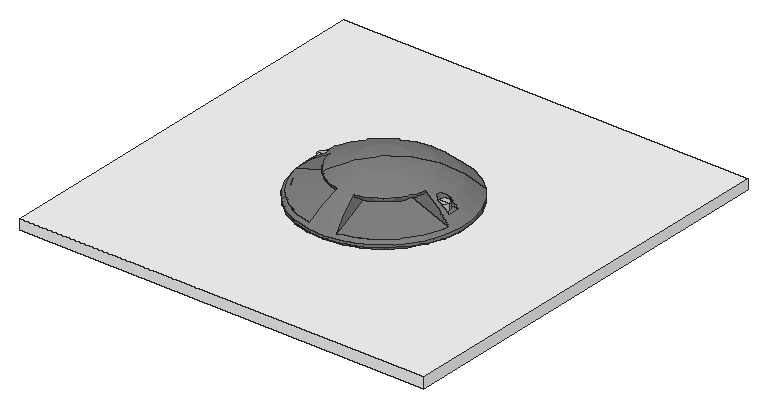
Revit family "BE_77069_de_DE", category Lighting Fixtures, host Face, Revit 2015
Parameters (values of type "BEGA_77069_Grafit_K3")
  built-in parameter 1150104 = 8.129 (stored number, unit not read)
  Wattage = 1.2 W
  Default Elevation = 0 mm
  built-in parameter 1150113 = 1 (stored number, unit not read)
  built-in parameter 1114218 = 1 (stored number, unit not read)
  Umgebungstemperatur = "25 °C"
  URL = "http://www.bega.de/produkt/77069"
  Type Comments = "© 2016 BEGA. Wir behalten uns das Recht vor, technische Änderungen ohne vorherige Ankündigung vorzunehmen."  # constant formula
  Type Image = 77069.png
  built-in parameter 1150134 = (empty or 0)
  built-in parameter 1150109 = 1 (stored number, unit not read)
  Strom = ""
  built-in parameter 1150110 = 1 (stored number, unit not read)
  Spannung = 23.9969 V
  Sonderanfertigung = no
  Sockeltyp = ""
  Sockelanzahl = ""
  Seriennummer [instance] = "Hier können Sie die eindeutige Seriennummer für das Facility Management eintragen."
  Schutzklasse = "III"
  Schutzart = "IP 67"
  Apparent Load = 0 VA
  Produktdatenblatt = "http://www.bega.de/download/Xrfa/db/77069.db.de.pdf"
  Oberflächentemperatur = "20 °C"
  Tilt Angle = 0.00°
  Model = "77069"
  Material_17 = BEGA_Reflektor
  Material_15 = BEGA_Leuchtmedium_matt
  Material_11 = BEGA_Glas_opal
  Material_09 = BEGA_Glas_klar
  Material_06 = BEGA_Oberfläche_Edelstahl_gebürstet
  Material_03 = BEGA_Oberfläche_Weiss_matt
  Material_02 = BEGA_Oberfläche_Silber_matt
  Material_01 [instance] = BEGA_Oberfläche_Grafit_matt
  M_W = no
  M_G = yes
  M_A = no
  Logo = 0
  built-in parameter 1114217 = 1 (stored number, unit not read)
  built-in parameter 1150139 = (empty or 0)
  built-in parameter 1150105 = 8.3556 (stored number, unit not read)
  built-in parameter 1150114 = 1 (stored number, unit not read)
  Lumens = 105 lm
  built-in parameter 1150115 = 1 (stored number, unit not read)
  Leuchtenlichtstrom = "16 lm"
  Leuchtenanzahl = ""
  Lebensdauerkriterien = "L70 = 50.000 h"
  Lastklassifizierung = Beleuchtung
  built-in parameter 1150112 = 1 (stored number, unit not read)
  Lampenlichtstrom = "105 lm"
  Lamp = "LED 1.2 W"
  LED_Modulbezeichnung = "LED-0287/830"
  built-in parameter 1150142 = (empty or 0)
  Manufacturer = "BEGA"  # constant formula
  Halbstreuwinkel = ""
  Gewicht = "0.95 kg"
  Gebrauchslageneinschränkung [instance] = ""
  Frequenz = ""
  Farbwiedergabeindex = "Ra > 80"
  Dimming Lamp Color Temperature Shift = <None>
  Farbtemperatur = "3000 K"
  Color Filter = 16777215
  Erdstück = no
  built-in parameter 1150133 = 10 (stored number, unit not read)
  Energieeffizienzklasse = "LED A++ - A"
  built-in parameter 1150137 = (empty or 0)
  built-in parameter 1150132 = (empty or 0)
  Einbaugehäuse = no
  ENEC = "ja"
  Dimmbar [instance] = ""
  Photometric Web File = "BE_77069.IES"
  CE_Konformität = "ja"
  Bestellnummer_Erdstück = if(Erdstück, "70894", "---")  # "---"
  Bestellnummer = "77069"
  Beschreibung_Sonderanfertigung = "Hier können Sie Informationen zur Sonderanfertigung eintragen."
  Description = "Bodenaufbauleuchte"
  built-in parameter 1150106 = 0.083556 (stored number, unit not read)
  Belastbarkeit = "1000 kg"
  Befestigungsbohrung = "Ø 6,5 mm"
  Befestigungsabstand = ""
  Ballwurfsicher = ""
  BEGA_Intern_aus = yes
  BEGA_Intern_an = yes
  BEGA_Intern_Konstruktion = yes
  BEGA_Intern = yes
  BEGA_IES = yes
  BEGA_Dummy = no
  Anschlussleitung = "1.8 m 05RN8-F 2 × 1²"
  Anschlussleistung [instance] = "1.4 W"
  Anschlusskasten = ""
  built-in parameter 1150107 = 3000 (stored number, unit not read)
  built-in parameter 1150102 = (empty or 0)
  built-in parameter 1150138 = (empty or 0)
  Aktualisierung = "2016-12-14T04:15:04"
  Abstand_zur_angestrahlten_Fläche [instance] = ""
  AC/DC = "DC"
Types (2, lengths in mm): name | built-in parameter 1150104 | built-in parameter 1150134 | Model | built-in parameter 1150105 | Lumens | Leuchtenlichtstrom | Lampenlichtstrom | LED_Modulbezeichnung | Farbtemperatur | Photometric Web File | Bestellnummer | built-in parameter 1150106 | built-in parameter 1150107
  BEGA_77069_Grafit_K4 | 8.8258 (stored number, unit not read) | 12 | "77069K4" | 9.0718 (stored number, unit not read) | 114 lm | "17 lm" | "114 lm" | "LED-0287/840" | "4000 K" | "BE_77069K4.IES" | "77069K4" | 0.090718 (stored number, unit not read) | 4000 (stored number, unit not read)
  BEGA_77069_Grafit_K3 | 8.129 (stored number, unit not read) | (empty or 0) | "77069" | 8.3556 (stored number, unit not read) | 105 lm | "16 lm" | "105 lm" | "LED-0287/830" | "3000 K" | "BE_77069.IES" | "77069" | 0.083556 (stored number, unit not read) | 3000 (stored number, unit not read)
Reference planes
  plane 1 "Mitte (Vorne/Hinten)": y = 0
  plane 2: z = 0
  plane 3 "Mitte (Links/Rechts)": x = 0
  plane 4 "Links": x = -80
  plane 5 "Rechts": x = 80
  plane 6 "Unten": y = -80
  plane 7 "Oben": y = 80
  plane 8 "Vorne": z = 37.765
  plane 9 "Hinten": z = 0
Forms (mm)
  Extrusion 1, solid, material "BEGA_Platte_Weiss"
    sketch origin (0, -1119.2, 0) x (1, 0, 0) y (0, 1, 0)
      loop
        line (-200, 1319.2) -> (-200, 919.2) -> (200, 919.2) -> (200, 1319.2) -> (-200, 1319.2)
    from 0 to -10
  Extrusion 2, solid, material "BEGA_Dummy_matt", visible <- "BEGA_Dummy"
    sketch origin (77.149, -76.023, 0) x (1, 0, 0) y (0, 1, 0)
      loop
        circle (-77.149, 76.023) r 79.5
    from 0 to 37.765
Dimensions and locks
  plane 1 "Mitte (Vorne/Hinten)" to Extrusion 1 = 200 mm
  aligned and locked: plane 2 to Extrusion 1
  aligned and locked: level to Extrusion 1
Nested families
  nested 1: "BE_77069" at (0, 0, 0) x (-0.7071, -0.7071, 0) z (0, 0, 1), type "BE_77069"
Connectors
  electrical at (0, 0, 0), driven by "Lastklassifizierung", driven by "Spannung", driven by "Apparent Load"
    settings: index 1, voltage 23.9969 V, apparent load 0 VA, apparent load phase1 0 VA, apparent load phase2 0 VA, apparent load phase3 0 VA, power factor 1, load classification "Beleuchtung", number of poles 1, system type 31, power factor state 1, is connector primary yes, connector utility no, sub classification motor no, connector description ""
Definition of nested family "BE_77069"
  Parameters (values of type "BE_77069")
    Default Elevation = 1 mm
    URL = "http://www.bega.de/de/produkt"
    Type Comments = "© 2015 BEGA. Wir behalten uns das Recht vor, technische Änderungen ohne vorherige Ankündigung vorzunehmen. "  # constant formula
    Type Image = (empty or 0)
    Material_17 = none
    Material_15 = none
    Material_11 = none
    Material_09 = none
    Material_06 = none
    Material_03 = none
    Material_02 = none
    Material_01 = none
    M_W = yes
    M_G = yes
    M_A = yes
    Länge_Platte = 200 mm  # constant formula
    Höhe_Platte = -10 mm  # constant formula
    Manufacturer = "BEGA"  # constant formula
    Breite_Platte = 200 mm  # constant formula
  Reference planes
    plane 1 "Mitte (Oben/Unten)": y = 0
    plane 2: z = 0
    plane 3 "Mitte (Links/Rechts)": x = 0
    plane 4 "Vorne": z = 37.765
    plane 5 "Links": x = -79.5
    plane 6 "Oben": y = 79.502
    plane 7 "Unten": y = -79.501
    plane 8: x = 79.5
  Forms (mm)
    Extrusion 1, solid, detail levels medium
      sketch origin (0, 0, 0) x (1, 0, 0) y (0, 1, 0)
        loop
          line (-100, 100) -> (-100, -100) -> (100, -100) -> (100, 100) -> (-100, 100)
      from 0 to -10 <- "Höhe_Platte"
    Revolve 2, solid, material <- "Material_01", detail levels medium+fine
      sketch origin (0, 0, 0) x (1, 0, 0) y (0, 0, 1)
        loop
          arc (0, 37.75) -> (-43.272, 28.837) -> (-79.5, 3.549) r 109.5
          line (-79.5, 3.549) -> (-79.5, 0.75)
          arc (-79.5, 0.75) -> (-79.354, 0.396) -> (-79, 0.25) r 0.5
          line (-79, 0.25) -> (-73, 0.25) -> (-73, 5.999) -> (-44.548, 5.999) -> (-44.548, 10.74) -> (-32, 10.74) -> (-32, 27.75) -> (0, 27.75) -> (0, 37.75)
        axis (0, 37.75) -> (0, 0.25)
      angle from 0 to 360
    Revolve 3, solid, material <- "Material_01", detail levels medium+fine
      sketch origin (0, 0, 0) x (1, 0, 0) y (0, 0, 1)
        loop
          line (-46.583, 2) -> (-46.583, 4) -> (-72.478, 4) -> (-72.478, 5.999) -> (-44.5, 5.999) -> (-44.5, 2) -> (-25.5, 2) -> (-25.5, 0) -> (-44.5, 0)
          arc (-44.5, 0) -> (-45.914, 0.586) -> (-46.5, 2) r 2
        axis (0, 0) -> (0, 5.999)
      angle from 0 to 360
    Revolve 4, void
      sketch origin (0, 0, 0) x (1, 0, 0) y (0, 0, 1)
        loop
          line (45.956, 24.034) -> (31.271, 23.264) -> (31.271, 15.25) -> (33, 15.25) -> (76.979, 6.701)
          arc (76.979, 6.701) -> (62.891, 18.428) -> (47.044, 27.64) r 109.498
          arc (47.044, 27.64) -> (47.771, 25.453) -> (45.956, 24.034) r 2
        axis (0, 6.701) -> (0, 27.64)
      angle from -34.969 to 35.019
    Revolve 5, void
      sketch origin (0, 0, 0) x (0, 1, 0) y (0, 0, 1)
        loop
          line (45.956, 24.034) -> (31.271, 23.264) -> (31.271, 15.25) -> (33, 15.25) -> (76.979, 6.701)
          arc (76.979, 6.701) -> (62.891, 18.428) -> (47.044, 27.64) r 109.498
          arc (47.044, 27.64) -> (47.771, 25.453) -> (45.956, 24.034) r 2
        axis (0, 6.701) -> (0, 27.64)
      angle from -35.067 to 34.981
    Revolve 6, solid, material <- "Material_17", detail levels medium+fine
      sketch origin (0, 0, 0) x (1, 0, 0) y (0, 0, 1)
        loop
          line (-21.535, 17.762) -> (-25, 14.75) -> (-25, 10.75) -> (-24.2, 10.75) -> (-24.2, 14.385) -> (-21.044, 17.128)
          arc (-21.044, 17.128) -> (-19.5, 18.621) -> (-18.127, 20.273) r 19.8
          arc (-18.127, 20.273) -> (-17.422, 21.309) -> (-16.808, 22.401) r 14.8
          arc (-16.808, 22.401) -> (-16.352, 23.468) -> (-16.041, 24.587) r 8.8
          line (-16.041, 24.587) -> (-16.824, 24.75)
          arc (-16.824, 24.75) -> (-17.107, 23.732) -> (-17.523, 22.76) r 8
          arc (-17.523, 22.76) -> (-18.103, 21.729) -> (-18.769, 20.75) r 14
          arc (-18.769, 20.75) -> (-20.072, 19.182) -> (-21.535, 17.762) r 19
        axis (0, 24.75) -> (0, 10.75)
      angle from 0 to 360
    Revolve 7, solid, material <- "Material_09", detail levels medium+fine
      sketch origin (0, 0, 0) x (1, 0, 0) y (0, 0, 1)
        loop
          line (-26.8, 12.75) -> (-26.8, 25.75) -> (-30, 25.75) -> (-30, 12.75) -> (-26.8, 12.75)
        axis (0, 12.75) -> (0, 25.75)
      angle from 0 to 360
    Revolve 8, solid, material <- "Material_06", detail levels fine
      sketch origin (0, 0, 0) x (1, 0, 0) y (0, 0, 1)
        loop
          line (-10.451, 2.25) -> (-10.451, -7.25) -> (-8.875, -7.25) -> (-8.875, -9.25)
          arc (-8.875, -9.25) -> (-7.754, -12.027) -> (-5.018, -13.247) r 4
          line (-5.018, -13.247) -> (-3.989, -13.247) -> (-3.989, 18.772) -> (-7.5, 18.772) -> (-7.5, 10.75) -> (-10.451, 10.75) -> (-10.451, 5.999) -> (-7.5, 5.999) -> (-7.5, 2.25) -> (-10.451, 2.25)
        axis (0, 18.772) -> (0, -13.247)
      angle from 0 to 360
    Extrusion 9, void
      sketch origin (0, 0, 0) x (1, 0, 0) y (0, 1, 0)
        loop
          circle (35, 0) r 3.25
      from 0 to 3.549
    Extrusion 10, void
      sketch origin (0, 0, 0) x (-0.5, 0.866025, 0) y (-0.866025, -0.5, 0)
        loop
          circle (35, 0) r 3.25
      from 0 to 3.549
    Extrusion 11, void
      sketch origin (0, 0, 0) x (-0.5, -0.866025, 0) y (0.866025, -0.5, 0)
        loop
          circle (35, 0) r 3.25
      from 0 to 3.549
    Revolve 12, void
      sketch origin (0.704, -0.715, 0) x (0.707107, -0.707107, 0) y (0, 0, 1)
        loop
          line (-66.331, 6.5) -> (-69.222, 6.5) -> (-69.222, 3.815) -> (-66.522, 3.815) -> (-66.331, 6.5)
        axis (-69.222, 3.815) -> (-69.222, 6.5)
      angle from 0 to 360
    Revolve 13, void
      sketch origin (97.169, -97.18, 0) x (0.707107, -0.707107, 0) y (0, 0, 1)
        loop
          line (-66.331, 6.5) -> (-69.222, 6.5) -> (-69.222, 3.815) -> (-66.522, 3.815) -> (-66.331, 6.5)
        axis (-69.222, 3.815) -> (-69.222, 6.5)
      angle from 0 to 360
    Revolve 14, solid, material <- "Material_06", detail levels fine
      sketch origin (-0.003, -0.008, 0) x (0.707107, -0.707107, 0) y (0, 0, 1)
        loop
          line (-68.222, 0.7) -> (-65.622, 0.7) -> (-65.622, 6.5) -> (-68.222, 6.5) -> (-68.222, 0.7)
        axis (-68.222, 0.7) -> (-68.222, 6.5)
      angle from 0 to 360
    Revolve 15, solid, material <- "Material_06", detail levels fine
      sketch origin (-0.003, -0.008, 0) x (-0.707107, 0.707107, 0) y (0, 0, -1)
        loop
          line (-68.222, -0.706) -> (-68.222, -6.5) -> (-65.622, -6.5) -> (-65.622, -0.706) -> (-68.222, -0.706)
        axis (-68.222, -0.706) -> (-68.222, -6.5)
      angle from 0 to 360
    Extrusion 16, void
      sketch origin (0, 0, 0) x (1, 0, 0) y (0, 1, 0)
        loop
          arc (-46.669, 38.184) -> (-38.184, 38.184) -> (-38.184, 46.669) r 6
          line (-38.184, 46.669) -> (-44.862, 53.347)
          arc (-44.862, 53.347) -> (-49.287, 49.287) -> (-53.347, 44.862) r 69.703
          line (-53.347, 44.862) -> (-46.669, 38.184)
        loop
          arc (46.669, -38.184) -> (38.184, -38.184) -> (38.184, -46.669) r 6
          line (38.184, -46.669) -> (44.862, -53.347)
          arc (44.862, -53.347) -> (49.287, -49.287) -> (53.347, -44.862) r 69.703
          line (53.347, -44.862) -> (46.669, -38.184)
      from 12.75 to 33.319
    Revolve 17, solid, material <- "Material_06", detail levels fine
      sketch origin (0, 0, 0) x (0.707107, -0.707107, 0) y (0, 0, 1)
        loop
          line (-55, 18.7) -> (-60, 18.7) -> (-60, 0.7) -> (-56.75, 0.7) -> (-56.75, 12.7) -> (-55, 12.7) -> (-55, 18.7)
        axis (-60, 0.7) -> (-60, 18.7)
      angle from 0 to 360
    Revolve 18, solid, material <- "Material_06", detail levels fine
      sketch origin (84.853, -84.853, 0) x (0.707107, -0.707107, 0) y (0, 0, 1)
        loop
          line (-55, 18.7) -> (-60, 18.7) -> (-60, 0.7) -> (-56.75, 0.7) -> (-56.75, 12.7) -> (-55, 12.7) -> (-55, 18.7)
        axis (-60, 0.7) -> (-60, 18.7)
      angle from 0 to 360
  Cuts and joins
    Revolve 4, Revolve 5, Extrusion 9, Revolve 12, Revolve 13, Extrusion 16 cuts Revolve 2
    Extrusion 9, Extrusion 10, Extrusion 11, Revolve 12, Revolve 13, Extrusion 16 cuts Revolve 3
  Dimensions and locks
    equal spacing: Extrusion 1 sketch curve, plane 3 "Mitte (Links/Rechts)", Extrusion 1 sketch curve
    equal spacing: Extrusion 1 sketch curve, plane 1 "Mitte (Oben/Unten)", Extrusion 1 sketch curve
    "Länge_Platte": Extrusion 1 sketch curve to Extrusion 1 sketch curve
    "Breite_Platte": Extrusion 1 sketch curve to Extrusion 1 sketch curve
    aligned and locked: Extrusion 1 to plane 2
    aligned and locked: level to Extrusion 1
  Automatic sketch dimensions
    Revolve 2 sketch curve to plane 5 "Links" = 0 mm
    Revolve 2 sketch curve to Revolve 2 sketch curve = 0.5 mm
    plane 5 "Links" to Revolve 2 sketch curve = 6.5 mm
    level to Revolve 2 sketch curve = 10.74 mm
    Revolve 2 sketch curve to Revolve 2 sketch curve = 28.452 mm
    Revolve 2 sketch curve to Revolve 2 sketch curve = 12.548 mm
    Revolve 2 sketch curve to plane 3 "Mitte (Links/Rechts)" = 0 mm
    plane 3 "Mitte (Links/Rechts)" to Revolve 2 sketch curve = 0 mm
    Revolve 2 sketch curve to Revolve 2 sketch curve = 4.741 mm
    level to Revolve 2 sketch curve = 3.549 mm
    level to Revolve 2 sketch curve = 0.75 mm
    Revolve 2 sketch curve to level = 71.75 mm
    Revolve 2 sketch curve to Revolve 2 sketch curve = 10 mm
    Revolve 2 sketch curve to Revolve 2 sketch curve = 0 mm  (x3)
    Revolve 3 sketch curve to level = 0 mm  (x2)
    Revolve 3 sketch curve to plane 3 "Mitte (Links/Rechts)" = 0 mm
    Revolve 3 sketch curve to Revolve 3 sketch curve = 25.5 mm
    level to Revolve 3 sketch curve = 5.999 mm
    Revolve 3 sketch curve to Revolve 3 sketch curve = 19 mm
    Revolve 3 sketch curve to Revolve 3 sketch curve = 0 mm  (x4)
    Revolve 3 sketch curve to Revolve 3 sketch curve = 2.083 mm
    plane 5 "Links" to Revolve 3 sketch curve = 7.022 mm
    Revolve 3 sketch curve to Revolve 3 sketch curve = 2 mm
    Revolve 3 sketch curve to Revolve 3 sketch curve = 1.999 mm
    Revolve 3 sketch curve to Revolve 3 sketch curve = 0.083 mm
    Revolve 3 sketch curve to Revolve 3 sketch curve = 3.549 mm
    Revolve 4 sketch curve to plane 3 "Mitte (Links/Rechts)" = 0 mm
    plane 3 "Mitte (Links/Rechts)" to Revolve 4 sketch curve = 0.129 mm
    level to Revolve 4 sketch curve = 15.25 mm
    plane 3 "Mitte (Links/Rechts)" to Revolve 4 sketch curve = 31.271 mm
    Revolve 4 sketch curve to Revolve 4 sketch curve = 1.729 mm
    Revolve 4 sketch curve to Revolve 4 sketch curve = 14.585 mm
    Revolve 4 sketch curve to plane 4 "Vorne" = 13.731 mm
    Revolve 4 sketch curve to Revolve 4 sketch curve = 0.099 mm
    plane 8 to Revolve 4 sketch curve = 2.521 mm
    level to Revolve 4 sketch curve = 6.701 mm
    Revolve 4 sketch curve to level = 71.298 mm
    Revolve 4 sketch curve to Revolve 4 sketch curve = 8.014 mm
    Revolve 4 sketch curve to Revolve 4 sketch curve = 1.998 mm
    level to Revolve 4 sketch curve = 14.569 mm
    Revolve 4 sketch curve to Revolve 4 sketch curve = 8.411 mm
    Revolve 5 sketch curve to level = 71.298 mm
    level to Revolve 5 sketch curve = 15.25 mm
    Revolve 5 sketch curve to Revolve 5 sketch curve = 31.142 mm
    Revolve 5 sketch curve to Revolve 5 sketch curve = 1.729 mm
    Revolve 5 sketch curve to Revolve 5 sketch curve = 14.585 mm
    Revolve 5 sketch curve to plane 4 "Vorne" = 13.731 mm
    Revolve 5 sketch curve to Revolve 5 sketch curve = 0.099 mm
    level to Revolve 5 sketch curve = 6.701 mm
    Revolve 5 sketch curve to Revolve 5 sketch curve = 31.023 mm
    Revolve 5 sketch curve to Revolve 5 sketch curve = 8.014 mm
    Revolve 5 sketch curve to Revolve 5 sketch curve = 1.998 mm
    Revolve 5 sketch curve to plane 4 "Vorne" = 14.784 mm
    Revolve 5 sketch curve to Revolve 5 sketch curve = 31.271 mm
    Revolve 5 sketch curve to Revolve 5 sketch curve = 8.411 mm
    Revolve 6 sketch curve to Revolve 6 sketch curve = 0 mm  (x8)
    Revolve 6 sketch curve to plane 3 "Mitte (Links/Rechts)" = 0 mm
    Revolve 6 sketch curve to plane 3 "Mitte (Links/Rechts)" = 16.041 mm
    Revolve 6 sketch curve to Revolve 6 sketch curve = 0.783 mm
    Revolve 6 sketch curve to Revolve 6 sketch curve = 4.22 mm
    Revolve 6 sketch curve to Revolve 6 sketch curve = 0.491 mm
    Revolve 6 sketch curve to Revolve 6 sketch curve = 3.156 mm
    Revolve 6 sketch curve to Revolve 6 sketch curve = 7.832 mm
    Revolve 6 sketch curve to Revolve 6 sketch curve = 0.8 mm
    Revolve 6 sketch curve to Revolve 6 sketch curve = 5.346 mm
    Revolve 6 sketch curve to Revolve 6 sketch curve = 4.012 mm
    level to Revolve 6 sketch curve = 10.75 mm
    Revolve 6 sketch curve to Revolve 6 sketch curve = 3.635 mm
    Revolve 6 sketch curve to Revolve 6 sketch curve = 0.365 mm
    Revolve 6 sketch curve to Revolve 6 sketch curve = 2.743 mm
    Revolve 6 sketch curve to Revolve 6 sketch curve = 0.633 mm
    Revolve 6 sketch curve to Revolve 6 sketch curve = 6.825 mm
    Revolve 6 sketch curve to Revolve 6 sketch curve = 0.163 mm
    Revolve 6 sketch curve to Revolve 6 sketch curve = 1.632 mm
    Revolve 6 sketch curve to Revolve 6 sketch curve = 2.724 mm
    Revolve 6 sketch curve to Revolve 6 sketch curve = 2.984 mm
    Revolve 6 sketch curve to Revolve 6 sketch curve = 0.767 mm
    Revolve 6 sketch curve to Revolve 6 sketch curve = 0.715 mm
    Revolve 6 sketch curve to Revolve 6 sketch curve = 1.319 mm
    Revolve 6 sketch curve to Revolve 6 sketch curve = 0.642 mm
    level to Revolve 6 sketch curve = 16.245 mm
    Revolve 6 sketch curve to Revolve 6 sketch curve = 5 mm
    Revolve 7 sketch curve to plane 3 "Mitte (Links/Rechts)" = 0 mm
    level to Revolve 7 sketch curve = 12.75 mm
    Revolve 7 sketch curve to plane 3 "Mitte (Links/Rechts)" = 26.8 mm
    Revolve 7 sketch curve to Revolve 7 sketch curve = 3.2 mm
    Revolve 7 sketch curve to plane 4 "Vorne" = 12.015 mm
    level to Revolve 7 sketch curve = 16.499 mm
    Revolve 7 sketch curve to Revolve 7 sketch curve = 5 mm
    Revolve 8 sketch curve to plane 3 "Mitte (Links/Rechts)" = 0 mm
    Revolve 8 sketch curve to plane 3 "Mitte (Links/Rechts)" = 3.989 mm
    Revolve 8 sketch curve to Revolve 8 sketch curve = 0.886 mm
    Revolve 8 sketch curve to Revolve 8 sketch curve = 1.029 mm
    Revolve 8 sketch curve to plane 3 "Mitte (Links/Rechts)" = 7.5 mm  (x2)
    level to Revolve 8 sketch curve = 2.25 mm
    Revolve 8 sketch curve to Revolve 8 sketch curve = 4 mm
    Revolve 8 sketch curve to Revolve 8 sketch curve = 1.576 mm
    Revolve 8 sketch curve to Revolve 8 sketch curve = 2.951 mm
    Revolve 8 sketch curve to level = 7.25 mm
    Revolve 8 sketch curve to Revolve 8 sketch curve = 2 mm
    Revolve 8 sketch curve to Revolve 8 sketch curve = 0 mm  (x3)
    Revolve 8 sketch curve to Revolve 8 sketch curve = 3.749 mm
    Revolve 8 sketch curve to Revolve 8 sketch curve = 4.751 mm
    Revolve 8 sketch curve to Revolve 8 sketch curve = 8.022 mm
    plane 1 "Mitte (Oben/Unten)" to Extrusion 9 sketch curve = 0 mm
    plane 3 "Mitte (Links/Rechts)" to Extrusion 9 sketch curve = 35 mm
    Extrusion 10 sketch curve to plane 3 "Mitte (Links/Rechts)" = 17.5 mm
    Extrusion 10 sketch curve to plane 1 "Mitte (Oben/Unten)" = 30.311 mm
    Extrusion 11 sketch curve to plane 3 "Mitte (Links/Rechts)" = 17.5 mm
    plane 1 "Mitte (Oben/Unten)" to Extrusion 11 sketch curve = 30.311 mm
    level to Revolve 12 sketch curve = 3.815 mm
    Revolve 12 sketch curve to Revolve 12 sketch curve = 0 mm  (x2)
    Revolve 12 sketch curve to Revolve 12 sketch curve = 2.7 mm
    level to Revolve 12 sketch curve = 6.5 mm
    Revolve 12 sketch curve to Revolve 12 sketch curve = 0.191 mm
    Revolve 12 sketch curve to Revolve 12 sketch curve = 0.185 mm
    Revolve 12 sketch curve to Revolve 12 sketch curve = 0.949 mm
    level to Revolve 13 sketch curve = 3.815 mm
    Revolve 13 sketch curve to Revolve 13 sketch curve = 0 mm  (x2)
    Revolve 13 sketch curve to Revolve 13 sketch curve = 2.7 mm
    level to Revolve 13 sketch curve = 6.5 mm
    Revolve 13 sketch curve to Revolve 13 sketch curve = 0.191 mm
    Revolve 13 sketch curve to Revolve 13 sketch curve = 0.185 mm
    Revolve 13 sketch curve to Revolve 13 sketch curve = 0.949 mm
    level to Revolve 14 sketch curve = 0.7 mm
    Revolve 14 sketch curve to Revolve 14 sketch curve = 2.6 mm
    Revolve 14 sketch curve to Revolve 14 sketch curve = 5.8 mm
    Revolve 14 sketch curve to Revolve 14 sketch curve = 0 mm  (x2)
    Revolve 14 sketch curve to Revolve 14 sketch curve = 2.5 mm
    level to Revolve 15 sketch curve = 0.706 mm
    Revolve 15 sketch curve to Revolve 15 sketch curve = 2.6 mm
    Revolve 15 sketch curve to Revolve 15 sketch curve = 5.794 mm
    Revolve 15 sketch curve to Revolve 15 sketch curve = 0 mm  (x2)
    Revolve 15 sketch curve to Revolve 15 sketch curve = 2.5 mm
    plane 5 "Links" to Extrusion 16 sketch curve = 26.153 mm
    Extrusion 16 sketch curve to plane 6 "Oben" = 26.155 mm
    Extrusion 16 sketch curve to Extrusion 16 sketch curve = 8.485 mm  (x2)
    Extrusion 16 sketch curve to Extrusion 16 sketch curve = 10.92 mm  (x2)
    Extrusion 16 sketch curve to plane 3 "Mitte (Links/Rechts)" = 0 mm
    plane 3 "Mitte (Links/Rechts)" to Extrusion 16 sketch curve = 0 mm
    plane 8 to Extrusion 16 sketch curve = 37.074 mm
    Extrusion 16 sketch curve to Extrusion 16 sketch curve = 2.435 mm  (x3)
    Extrusion 16 sketch curve to plane 1 "Mitte (Oben/Unten)" = 0 mm
    plane 7 "Unten" to Extrusion 16 sketch curve = 37.075 mm
    Extrusion 16 sketch curve to Extrusion 16 sketch curve = 4.243 mm  (x6)
    Extrusion 16 sketch curve to Extrusion 16 sketch curve = 0 mm  (x8)
    level to Revolve 17 sketch curve = 0.7 mm  (x2)
    level to Revolve 17 sketch curve = 18.7 mm
    Revolve 17 sketch curve to Revolve 17 sketch curve = 0 mm  (x5)
    Revolve 17 sketch curve to Revolve 17 sketch curve = 3.25 mm
    Revolve 17 sketch curve to Revolve 17 sketch curve = 5 mm
    Revolve 17 sketch curve to Revolve 17 sketch curve = 6 mm
    Revolve 17 sketch curve to Revolve 17 sketch curve = 0.14 mm
    level to Revolve 18 sketch curve = 0.7 mm  (x2)
    level to Revolve 18 sketch curve = 18.7 mm
    Revolve 18 sketch curve to Revolve 18 sketch curve = 0 mm  (x5)
    Revolve 18 sketch curve to Revolve 18 sketch curve = 3.25 mm
    Revolve 18 sketch curve to Revolve 18 sketch curve = 5 mm
    Revolve 18 sketch curve to Revolve 18 sketch curve = 6 mm
    Revolve 18 sketch curve to Revolve 18 sketch curve = 0.14 mm
    radius of Extrusion 9 sketch curve = 3.25 mm
    radius of Extrusion 10 sketch curve = 3.25 mm
    radius of Extrusion 11 sketch curve = 3.25 mm
